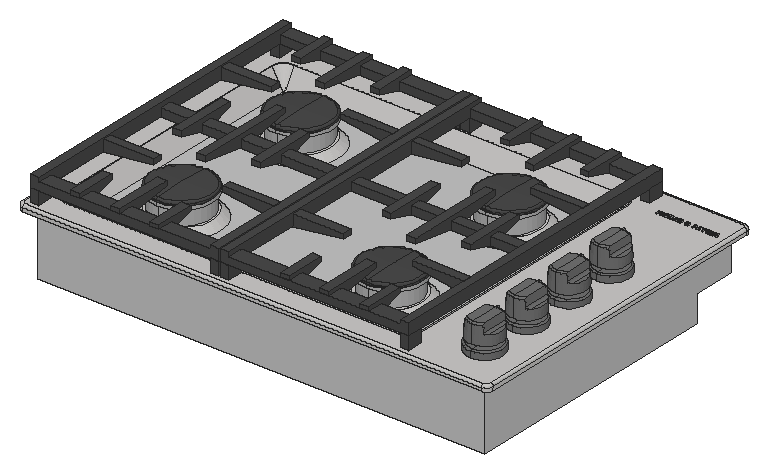
Revit family "FP_Revit_18_CDV3-304-N_Cooktop_90001911A", category Specialty Equipment, Revit 2018
Family settings
  Round Connector Dimension = Use Diameter
  Part Type = Normal
  OmniClass Number = 23.40.40.14.17.11
  OmniClass Title = Cookers, Ovens, Stoves
  Work Plane-Based = No
  Always vertical = Yes
  Cut with Voids When Loaded = Yes
  Shared = No
  Room Calculation Point = No
Parameters (values of type "CDV3-304-N")
  Visibility - Gas Elbow Side Facing = yes
  Visibility - Gas Elbow Rear Facing = yes
  Visibility - Clearance Required = yes
  URL = "www.fisherpaykel.com"
  Product - Width = 762 mm  # constant formula
  Product - Height = 162 mm  # constant formula
  Product - Depth = 533 mm  # constant formula
  Model = "CDV3-304-N"
  Material - Trim = Fisher & Paykel - Aluminium, Dark
  Material - Cooktop = Fisher & Paykel - Stainless Steel
  Material - Burners & Trivets = Fisher & Paykel - Black, Matte
  Material - Body = Fisher & Paykel - Grey
  Manufacturer = "Fisher & Paykel Appliances"
  Keynote = ""
  FFL Offset [instance] = 915 mm
  Description = "30\" Professional Gas Cooktop,"
  Connector Note - Gas = "NG Supply Pressure = 6\" to 9\" WC, 1/2\" NPT Minimum 5/8\" dia. flex line"
  Connector Note - Electrical = "120 V, 0.1 A Max, 60 Hz"
  Clearance - Side Combustible = 305 mm  # constant formula
  Clearance - Rear Combustible = 51 mm  # constant formula
  Clearance - Overhead Rangehood = 762 mm  # constant formula
  Clearance - Overhead Non-Combustible = 762 mm  # constant formula
  Clearance - Overhead Combustible = 914 mm  # constant formula
  Clearance - Below Non-Combustible = 70 mm  # constant formula
  Clearance - Below Combustible = 65 mm  # constant formula
  Chassis - Width = 723 mm  # constant formula
  Chassis - Height = 102 mm  # constant formula
  Chassis - Depth = 497 mm  # constant formula
  Cavity - Width = 727 mm  # constant formula
  Cavity - Height = 112 mm  # constant formula
  Cavity - Depth = 502 mm  # constant formula
Types (5, lengths in mm): name | Visibility - Gas Elbow Side Facing | Visibility - Gas Elbow Rear Facing | Model | Connector Note - Gas
  (no name) | yes | yes | "CDV3-304-N" | "NG Supply Pressure = 6\" to 9\" WC, 1/2\" NPT Minimum 5/8\" dia. flex line"
  CDV3-304H-L | no | no | "CDV3-304H-L" | "LP Supply Pressure = 11\" to 14\" WC, 1/2\" NPT Minimum 5/8\" dia. flex line"
  CDV3-304H-N | yes | yes | "CDV3-304H-N" | "NG Supply Pressure = 6\" to 9\" WC, 1/2\" NPT Minimum 5/8\" dia. flex line"
  CDV3-304-N | yes | yes | "CDV3-304-N" | "NG Supply Pressure = 6\" to 9\" WC, 1/2\" NPT Minimum 5/8\" dia. flex line"
  CDV3-304-L | yes | yes | "CDV3-304-L" | "LP Supply Pressure = 11\" to 14\" WC, 1/2\" NPT Minimum 5/8\" dia. flex line"
Reference planes
  plane 1 "Datum": y = 0
  plane 2: z = 0
  plane 3 "Center (Left/Right)": x = 0
  plane 4 "Product LHS": x = -381
  plane 5 "Product RHS": x = 381
  plane 6 "Product - Depth": y = 533
  plane 7 "Cavity LHS": x = -363.5
  plane 8 "Cavity RHS": x = 363.5
  plane 9 "Cavity - Front": y = 15.8
  plane 10 "Cavity - Depth": y = 517.8
  plane 11 "Basepan": z = 813
  plane 12 "Countertop": z = 915
  plane 13 "Hob Top": z = 924.5
Forms (mm)
  Extrusion 1, solid, material "Fisher & Paykel - Grey" <- "Material - Body"
    sketch origin (0, 0, 0) x (1, 0, 0) y (0, 1, 0)
      loop
        line (361.5, 447.3) -> (255, 447.3) -> (255, 515.3) -> (-361.5, 515.3) -> (-361.5, 18.3) -> (361.5, 18.3) -> (361.5, 447.3)
    from 813 to 915
  Extrusion 2, solid, material "Fisher & Paykel - Clearance Required (Cutout)", visible <- "Visibility - Clearance Required", detail levels coarse
    sketch origin (0, 0, 0) x (1, 0, 0) y (0, 1, 0)
      loop
        line (-363.5, 15.8) -> (363.5, 15.8) -> (363.5, 517.8) -> (-363.5, 517.8) -> (-363.5, 15.8)
    from 803 to 915
  Extrusion 3, solid, material "Fisher & Paykel - Stainless Steel" <- "Material - Cooktop"
    sketch origin (0, 0, 0) x (1, 0, 0) y (0, 1, 0)
      loop
        arc (-371, 533) -> (-378.071, 530.071) -> (-381, 523) r 10
        line (-381, 523) -> (-381, 10)
        arc (-381, 10) -> (-378.071, 2.929) -> (-371, 0) r 10
        line (-371, 0) -> (371, 0)
        arc (371, 0) -> (378.071, 2.929) -> (381, 10) r 10
        line (381, 10) -> (381, 523)
        arc (381, 523) -> (378.071, 530.071) -> (371, 533) r 10
        line (371, 533) -> (-371, 533)
    from 915 to 924.5
  Extrusion 4, void
    sketch origin (0, 0, 0) x (1, 0, 0) y (0, 1, 0)
      loop
        arc (-330.447, 496.197) -> (-344.589, 490.34) -> (-350.447, 476.197) r 20
        line (-350.447, 476.197) -> (-350.447, 57.203)
        arc (-350.447, 57.203) -> (-344.589, 43.06) -> (-330.447, 37.203) r 20
        line (-330.447, 37.203) -> (205.627, 37.203)
        arc (205.627, 37.203) -> (219.769, 43.06) -> (225.627, 57.203) r 20
        line (225.627, 57.203) -> (225.627, 476.197)
        arc (225.627, 476.197) -> (219.769, 490.34) -> (205.627, 496.197) r 20
        line (205.627, 496.197) -> (-330.447, 496.197)
    from 893 to 924.5
  Sweep 5, solid, material "Fisher & Paykel - Stainless Steel" <- "Material - Cooktop", detail levels fine
    path in 3D
      loop
        arc (205.627, 496.197, 924.5) -> (219.769, 490.34, 924.5) -> (225.627, 476.197, 924.5) r 20
        line (225.627, 476.197, 924.5) -> (225.627, 57.203, 924.5)
        arc (225.627, 57.203, 924.5) -> (219.769, 43.06, 924.5) -> (205.627, 37.203, 924.5) r 20
        line (205.627, 37.203, 924.5) -> (-330.447, 37.203, 924.5)
        arc (-330.447, 37.203, 924.5) -> (-344.589, 43.06, 924.5) -> (-350.447, 57.203, 924.5) r 20
        line (-350.447, 57.203, 924.5) -> (-350.447, 476.197, 924.5)
        arc (-350.447, 476.197, 924.5) -> (-344.589, 490.34, 924.5) -> (-330.447, 496.197, 924.5) r 20
        line (-330.447, 496.197, 924.5) -> (205.627, 496.197, 924.5)
    profile origin (-62.41, 496.197, 924.5) x (0, 1, 0) y (0, 0, 1)
      loop
        line (0, 0) -> (-18.187, -31.5) -> (0, -31.5) -> (0, 0)
  Sweep 6, void
    path in 3D
      loop
        arc (381, 523, 924.5) -> (378.071, 530.071, 924.5) -> (371, 533, 924.5) r 10
        line (371, 533, 924.5) -> (-371, 533, 924.5)
        arc (-371, 533, 924.5) -> (-378.071, 530.071, 924.5) -> (-381, 523, 924.5) r 10
        line (-381, 523, 924.5) -> (-381, 10, 924.5)
        arc (-381, 10, 924.5) -> (-378.071, 2.929, 924.5) -> (-371, 0, 924.5) r 10
        line (-371, 0, 924.5) -> (371, 0, 924.5)
        arc (371, 0, 924.5) -> (378.071, 2.929, 924.5) -> (381, 10, 924.5) r 10
        line (381, 10, 924.5) -> (381, 523, 924.5)
    profile origin (381, 266.5, 924.5) x (-1, 0, 0) y (0, 0, 1)
      loop
        line (0, 0) -> (0, -4)
        arc (0, -4) -> (1.172, -1.172) -> (4, 0) r 4
        line (4, 0) -> (0, 0)
  Extrusion 7, solid, material "Fisher & Paykel - Grey" <- "Material - Body"
    sketch origin (0, 0, 0) x (1, 0, 0) y (0, 1, 0)
      loop
        circle (338.231, 491.487) r 3
    from 856.4 to 844
  Extrusion 8, solid, material "Fisher & Paykel - Grey" <- "Material - Body"
    sketch origin (0, 0, 0) x (1, 0, 0) y (0, 1, 0)
      loop
        circle (290.996, 481.611) r 10.5
      loop
        circle (290.996, 481.611) r 7
    from 844 to 856.4
  Extrusion 9, void
    sketch origin (0, 0, 0) x (1, 0, 0) y (0, 1, 0)
      loop
        line (-363.5, 15.8) -> (363.5, 15.8) -> (363.5, 517.8) -> (-363.5, 517.8) -> (-363.5, 15.8)
    from 803 to 915
  Extrusion 10, solid, material "Fisher & Paykel - Clearance Required (Combustible)", visible <- "Visibility - Clearance Required", detail levels coarse
    sketch origin (0, 0, -9.5) x (1, 0, 0) y (0, 1, 0)
      loop
        line (-686, 0) -> (-381, 0) -> (-381, 533) -> (381, 533) -> (381, 0) -> (686, 0) -> (686, 568.8) -> (-686, 568.8) -> (-686, 0)
    from 924.5 to 1381.5
  Extrusion 11, solid, material "Fisher & Paykel - Clearance Required (Non-Combustible)", visible <- "Visibility - Clearance Required", detail levels coarse
    sketch origin (0, 0, 0) x (1, 0, 0) y (0, 1, 0)
      loop
        line (-381, 0) -> (381, 0) -> (381, 533) -> (-381, 533) -> (-381, 0)
    from 924.5 to 1686.5
  Extrusion 12, solid, material "Fisher & Paykel - Clearance Required (Combustible)", visible <- "Visibility - Clearance Required", detail levels coarse
    sketch origin (0, 0, 0) x (1, 0, 0) y (0, 1, 0)
      loop
        line (-381, 0) -> (381, 0) -> (381, 533) -> (-381, 533) -> (-381, 0)
    from 1686.5 to 1838.5
  Extrusion 13, solid, material "Fisher & Paykel - Grey" <- "Material - Body"
    sketch origin (0, 0, 0) x (1, 0, 0) y (0, 1, 0)
      loop
        line (255, 447.3) -> (361.5, 447.3) -> (361.5, 515.3) -> (255, 515.3) -> (255, 447.3)
    from 856.4 to 915
Cuts and joins
  Extrusion 4 cuts Extrusion 1
  joined: Extrusion 1, Extrusion 13
  Extrusion 4, Sweep 6 cuts Extrusion 3
Lines and regions (mm)
  sketch lines
    curve 1: line (-330.447, 496.197, 924.5) -> (205.627, 496.197, 924.5)
    curve 2: arc (225.627, 476.197, 924.5) -> (219.769, 490.34, 924.5) -> (205.627, 496.197, 924.5) r 20
    curve 3: line (225.627, 476.197, 924.5) -> (225.627, 57.203, 924.5)
    curve 4: arc (205.627, 37.203, 924.5) -> (219.769, 43.06, 924.5) -> (225.627, 57.203, 924.5) r 20
    curve 5: line (205.627, 37.203, 924.5) -> (-330.447, 37.203, 924.5)
    curve 6: arc (-350.447, 57.203, 924.5) -> (-344.589, 43.06, 924.5) -> (-330.447, 37.203, 924.5) r 20
    curve 7: arc (-330.447, 496.197, 924.5) -> (-344.589, 490.34, 924.5) -> (-350.447, 476.197, 924.5) r 20
    curve 8: line (-350.447, 57.203, 924.5) -> (-350.447, 476.197, 924.5)
    curve 9: line (381, 10, 924.5) -> (381, 523, 924.5)
    curve 10: arc (381, 10, 924.5) -> (378.071, 2.929, 924.5) -> (371, 0, 924.5) r 10
    curve 11: line (-371, 0, 924.5) -> (371, 0, 924.5)
    curve 12: arc (-371, 0, 924.5) -> (-378.071, 2.929, 924.5) -> (-381, 10, 924.5) r 10
    curve 13: line (-381, 523, 924.5) -> (-381, 10, 924.5)
    curve 14: arc (-381, 523, 924.5) -> (-378.071, 530.071, 924.5) -> (-371, 533, 924.5) r 10
    curve 15: line (371, 533, 924.5) -> (-371, 533, 924.5)
    curve 16: arc (371, 533, 924.5) -> (378.071, 530.071, 924.5) -> (381, 523, 924.5) r 10
Text (mm)
  text "Due to ongoing product development, product details are subject to change without notice. \nPlease always refer to www.fisherpaykel.com for the most current product information. \n© Fisher & Paykel 2020" at (41.04, -459.323, 0), in view "Ref. Level (Plan)"
Dimensions and locks
  equal spacing: plane 4 "Product LHS", plane 3 "Center (Left/Right)", plane 5 "Product RHS"
  "Product - Width": plane 4 "Product LHS" to plane 5 "Product RHS"
  equal spacing: plane 7 "Cavity LHS", plane 3 "Center (Left/Right)", plane 8 "Cavity RHS"
  "Cavity - Width": plane 7 "Cavity LHS" to plane 8 "Cavity RHS"
  "Chassis - Width": cut or joined group of Extrusion 1, Extrusion 4, Extrusion 13 to cut or joined group of Extrusion 1, Extrusion 4, Extrusion 13
  equal spacing: cut or joined group of Extrusion 1, Extrusion 4, Extrusion 13, plane 3 "Center (Left/Right)", cut or joined group of Extrusion 1, Extrusion 4, Extrusion 13
  "Product - Depth": plane 6 "Product - Depth" to plane 1 "Datum"
  "Cavity - Depth": plane 9 "Cavity - Front" to plane 10 "Cavity - Depth"
  locked: plane 1 "Datum" to plane 9 "Cavity - Front" at 15.8
  locked: plane 13 "Hob Top" to plane 12 "Countertop" at 9.5
  "Chassis - Height": plane 12 "Countertop" to plane 11 "Basepan"
  "FFL Offset": plane 12 "Countertop" to level
  "Cavity - Height": plane 12 "Countertop" to Extrusion 2
  plane 12 "Countertop" to Sweep 5 = 22 mm
  locked: nested 3 to plane 12 "Countertop" at 49.5
  locked: plane 12 "Countertop" to cut or joined group of Extrusion 1, Extrusion 4, Extrusion 13 at 22
  locked: Extrusion 10 to plane 12 "Countertop" at 457
  "Clearance - Overhead Non-Combustible": Extrusion 11 to plane 13 "Hob Top"
  Extrusion 10 to plane 10 "Cavity - Depth" to cut or joined group of Extrusion 1, Extrusion 4, Extrusion 13 = 15.2 mm, 2.5 mm
  "Clearance - Overhead Combustible": Extrusion 12 to plane 13 "Hob Top"
  "Clearance - Rear Combustible": Extrusion 10 to plane 10 "Cavity - Depth"
  "Clearance - Side Combustible": Extrusion 10 to plane 4 "Product LHS"
  "Clearance - Side Combustible": plane 5 "Product RHS" to Extrusion 10
  "Chassis - Depth": cut or joined group of Extrusion 1, Extrusion 4, Extrusion 13 to cut or joined group of Extrusion 1, Extrusion 4, Extrusion 13
  locked: plane 1 "Datum" to cut or joined group of Extrusion 1, Extrusion 4, Extrusion 13 at 18.3
  locked: Extrusion 13 to plane 12 "Countertop" at 58.6
  locked: plane 12 "Countertop" to nested 15 at 86.6
  locked: plane 12 "Countertop" to nested 16 at 86.6
  locked: plane 12 "Countertop" to Extrusion 8 at 71
  aligned and locked: level to plane 2
  aligned and locked: plane 6 "Product - Depth" to Extrusion 3
  aligned and locked: plane 1 "Datum" to Extrusion 3
  aligned and locked: Extrusion 3 to plane 4 "Product LHS"
  aligned and locked: Extrusion 3 to plane 5 "Product RHS"
  aligned and locked: Extrusion 2 to plane 9 "Cavity - Front"
  aligned and locked: plane 12 "Countertop" to Extrusion 2
  aligned and locked: Extrusion 2 to Extrusion 1
  aligned and locked: Extrusion 1 to plane 11 "Basepan"
  aligned and locked: Extrusion 3 to Extrusion 2
  aligned and locked: Extrusion 9 to Extrusion 2  (x2)
  aligned and locked: plane 13 "Hob Top" to Extrusion 3
  aligned and locked: cut or joined group of Extrusion 3, Extrusion 4, Sweep 6 to Extrusion 4
  aligned and locked: Extrusion 10 to Extrusion 2
  aligned and locked: Extrusion 11 to cut or joined group of Extrusion 3, Extrusion 4, Sweep 6
  aligned and locked: Extrusion 12 to Extrusion 11
  aligned and locked: plane 12 "Countertop" to Extrusion 13
  aligned and locked: Extrusion 8 to Extrusion 13
  aligned and locked: Extrusion 7 to Extrusion 13
  aligned and locked: Extrusion 13 to cut or joined group of Extrusion 1, Extrusion 4, Extrusion 13  (x2)
  aligned and locked: Extrusion 13 to cut or joined group of Extrusion 3, Extrusion 4, Sweep 6
  aligned and locked: Extrusion 8 to Extrusion 7
  aligned and locked: Extrusion 1 to Extrusion 13
Automatic sketch dimensions
  plane 10 "Cavity - Depth" to Extrusion 2 sketch curve = 0 mm
  Extrusion 2 sketch curve to plane 9 "Cavity - Front" = 0 mm
  plane 7 "Cavity LHS" to Extrusion 2 sketch curve = 0 mm
  Extrusion 2 sketch curve to plane 8 "Cavity RHS" = 0 mm
  Extrusion 3 sketch curve to plane 4 "Product LHS" = 0 mm
  plane 1 "Datum" to Extrusion 3 sketch curve = 0 mm
  Extrusion 3 sketch curve to plane 6 "Product - Depth" = 0 mm
  Extrusion 3 sketch curve to plane 5 "Product RHS" = 0 mm
  plane 7 "Cavity LHS" to Extrusion 3 sketch curve = 7.5 mm  (x2)
  Extrusion 3 sketch curve to plane 8 "Cavity RHS" = 7.5 mm
  Extrusion 3 sketch curve to plane 9 "Cavity - Front" = 5.8 mm
  Extrusion 4 sketch curve to plane 7 "Cavity LHS" = 13.053 mm
  plane 9 "Cavity - Front" to Extrusion 4 sketch curve = 21.403 mm
  Extrusion 4 sketch curve to Extrusion 4 sketch curve = 20 mm  (x3)
  plane 10 "Cavity - Depth" to Extrusion 4 sketch curve = 21.603 mm
  plane 8 "Cavity RHS" to Extrusion 4 sketch curve = 157.873 mm  (x2)
  Sweep 5 sketch curve to profile plane = 0 mm  (x2)
  profile plane to Sweep 5 sketch curve = 18.187 mm
  Sweep 5 sketch curve to Sweep 5 sketch curve = 31.5 mm
  Sweep 6 sketch curve to profile plane = 0 mm  (x2)
  Sweep 6 sketch curve to Sweep 6 sketch curve = 4 mm
  plane 8 "Cavity RHS" to Extrusion 7 sketch curve = 25.269 mm
  plane 10 "Cavity - Depth" to Extrusion 7 sketch curve = 26.312 mm
  plane 10 "Cavity - Depth" to Extrusion 9 sketch curve = 0 mm
  Extrusion 9 sketch curve to plane 9 "Cavity - Front" = 0 mm
  plane 7 "Cavity LHS" to Extrusion 9 sketch curve = 0 mm
  Extrusion 9 sketch curve to plane 8 "Cavity RHS" = 0 mm
  plane 1 "Datum" to Extrusion 10 sketch curve = 0 mm  (x2)
  Extrusion 10 sketch curve to plane 4 "Product LHS" = 0 mm
  Extrusion 10 sketch curve to plane 5 "Product RHS" = 0 mm
  Extrusion 10 sketch curve to plane 6 "Product - Depth" = 0 mm
  plane 4 "Product LHS" to Extrusion 10 sketch curve = 305 mm
  Extrusion 10 sketch curve to Extrusion 10 sketch curve = 305 mm
  plane 6 "Product - Depth" to Extrusion 10 sketch curve = 35.8 mm
  Extrusion 11 sketch curve to plane 4 "Product LHS" = 0 mm
  Extrusion 11 sketch curve to plane 5 "Product RHS" = 0 mm
  plane 1 "Datum" to Extrusion 11 sketch curve = 0 mm
  Extrusion 11 sketch curve to plane 6 "Product - Depth" = 0 mm
  Extrusion 12 sketch curve to plane 4 "Product LHS" = 0 mm
  Extrusion 12 sketch curve to plane 5 "Product RHS" = 0 mm
  plane 1 "Datum" to Extrusion 12 sketch curve = 0 mm
  Extrusion 12 sketch curve to plane 6 "Product - Depth" = 0 mm
  Extrusion 1 sketch curve to plane 7 "Cavity LHS" = 2 mm
  plane 8 "Cavity RHS" to Extrusion 1 sketch curve = 2 mm
  plane 9 "Cavity - Front" to Extrusion 1 sketch curve = 2.5 mm
  plane 10 "Cavity - Depth" to Extrusion 1 sketch curve = 2.5 mm
  Extrusion 1 sketch curve to Extrusion 1 sketch curve = 106.5 mm
  Extrusion 1 sketch curve to Extrusion 1 sketch curve = 68 mm
  Extrusion 13 sketch curve to plane 6 "Product - Depth" = 17.7 mm
  plane 8 "Cavity RHS" to Extrusion 13 sketch curve = 108.5 mm
  plane 5 "Product RHS" to Extrusion 13 sketch curve = 19.5 mm
  plane 10 "Cavity - Depth" to Extrusion 13 sketch curve = 70.5 mm
  Extrusion 8 sketch curve to Extrusion 8 sketch curve = 0 mm  (x2)
  plane 10 "Cavity - Depth" to Extrusion 8 sketch curve = 36.189 mm
  plane 8 "Cavity RHS" to Extrusion 8 sketch curve = 72.504 mm
  radius of Extrusion 7 sketch curve = 3 mm
  radius of Extrusion 8 sketch curve = 7 mm
  radius of Extrusion 8 sketch curve = 10.5 mm
Nested families
  nested 1: "F&P Logo 100mm Horizontal" at (316, 483, 924.5), type "F&P Logo 100mm Horizontal"
  nested 2: "F&P CDV3 Trivet 304" at (-231.8, -53.962, 927.5), type "F&P CDV3 Trivet 304"
  nested 3: "F&P CDV3 Trivet 304" at (107.264, 587.362, 927.5) x (-1, 0, 0) z (0, 0, 1), type "F&P CDV3 Trivet 304"
  nested 4: "F&P Dial CDV3" at (316, 74.79, 924.5), type "F&P Dial CDV3"
  nested 5: "F&P Dial CDV3" at (316, 159.79, 924.5), type "F&P Dial CDV3"
  nested 6: "F&P Dial CDV3" at (316, 244.79, 924.5), type "F&P Dial CDV3"
  nested 7: "F&P Dial CDV3" at (316, 329.79, 924.5), type "F&P Dial CDV3"
  nested 8: "F&P Logo 100mm Horizontal" at (316, 483, 509.5), type "F&P Logo 100mm Horizontal", not visible
  nested 9: "F&P CDV3 Trivet 304" at (-231.8, -53.962, 512.5), type "F&P CDV3 Trivet 304", not visible
  nested 10: "F&P CDV3 Trivet 304" at (107.264, 587.362, 512.5) x (-1, 0, 0) z (0, 0, 1), type "F&P CDV3 Trivet 304", not visible
  nested 11: "F&P Dial CDV3" at (316, 74.79, 509.5), type "F&P Dial CDV3", not visible
  nested 12: "F&P Dial CDV3" at (316, 159.79, 509.5), type "F&P Dial CDV3", not visible
  nested 13: "F&P Dial CDV3" at (316, 244.79, 509.5), type "F&P Dial CDV3", not visible
  nested 14: "F&P Dial CDV3" at (316, 329.79, 509.5), type "F&P Dial CDV3", not visible
  nested 15: "F&P Gas_Elbow" at (290.996, 481.611, 828.4), visible <- "Visibility - Gas Elbow Side Facing", type "F&P Gas_Elbow"
  nested 16: "F&P Gas_Elbow" at (290.996, 481.611, 828.4) x (0, 1, 0) z (0, 0, 1), visible <- "Visibility - Gas Elbow Rear Facing", type "F&P Gas_Elbow"
Connectors
  electrical at (338.231, 491.487, 856.4), driven by "Connector Note - Electrical"
    settings: on Extrusion 7, index 1, voltage 120 V, apparent load 0 VA, apparent load phase1 0 VA, apparent load phase2 0 VA, apparent load phase3 0 VA, power factor 1, load classification "Other", number of poles 1, system type 30, power factor state 1, is connector primary yes, connector utility no, sub classification motor no, connector description "120 V, 0.1 A Max, 60 Hz"
  piping at (290.996, 481.611, 844), diameter 21, driven by "Connector Note - Gas"
    settings: on Extrusion 8, index 2, connector inside diameter 609.6 mm, connector length 0 mm, flow factor 0, pipe flow 0.0 L/s, pressure drop 0.0 Pa, fitting loss kfactor 0, connector angle 0.00°, fixture units 0, engagement length 0 mm, angle of deflection 0.00°, flow configuration 0, flow direction 1, fitting loss method 0, system type 22, joint type 0, gender type 0, connector reference index -1, connector utility 0, adjustable connector no, is connector primary yes, connector description "NG Supply Pressure = 6\" to 9\" WC, 1/2\" NPT Minimum 5/8\" dia. flex line"
Definition of nested family "F&P Logo 100mm Horizontal"
  Parameters (values of type "F&P Logo 100mm Horizontal")
    URL = "www.fisherpaykel.com"
    Material - Logo = none
    Manufacturer = "Fisher & Paykel Appliances"
  Reference planes
    plane 1 "Center (Front/Back)": y = 0
    plane 2: z = 0
    plane 3 "Center (Left/Right)": x = 0
  Forms (mm)
    Extrusion 1, solid, material <- "Material - Logo", detail levels fine
      sketch origin (0, 0, 0) x (1, 0, 0) y (0, 1, 0)
        loop
          line (-49.996, 0) -> (-48.422, 0) -> (-48.422, 2.138) -> (-45.963, 2.138) -> (-45.963, 3.472) -> (-48.422, 3.472) -> (-48.422, 4.712) -> (-45.746, 4.712) -> (-45.746, 6.04) -> (-49.996, 6.04) -> (-49.996, 0)
        loop
          line (-42.756, 6.04) -> (-42.756, 0) -> (-41.182, 0) -> (-41.182, 6.04) -> (-42.756, 6.04)
        loop
          line (-30.676, 6.04) -> (-30.676, 0) -> (-29.103, 0) -> (-29.103, 2.42) -> (-26.791, 2.42) -> (-26.791, 0) -> (-25.217, 0) -> (-25.217, 6.04) -> (-26.791, 6.04) -> (-26.791, 3.748) -> (-29.103, 3.748) -> (-29.103, 6.04) -> (-30.676, 6.04)
        loop
          line (-21.858, 6.04) -> (-21.858, 0) -> (-17.554, 0) -> (-17.554, 1.328) -> (-20.299, 1.328) -> (-20.299, 2.42) -> (-17.79, 2.42) -> (-17.79, 3.748) -> (-20.299, 3.748) -> (-20.299, 4.712) -> (-17.554, 4.712) -> (-17.554, 6.04) -> (-21.858, 6.04)
        loop
          line (45.715, 6.04) -> (45.715, 0) -> (50.004, 0) -> (50.004, 1.328) -> (47.289, 1.328) -> (47.289, 6.04) -> (45.715, 6.04)
        loop
          line (42.479, 6.04) -> (38.161, 6.04) -> (38.161, 0) -> (42.479, 0) -> (42.479, 1.328) -> (39.735, 1.328) -> (39.735, 2.42) -> (42.243, 2.42) -> (42.243, 3.748) -> (39.735, 3.748) -> (39.735, 4.712) -> (42.479, 4.712) -> (42.479, 6.04)
        loop
          line (33.499, 3.148) -> (35.731, 6.04) -> (33.892, 6.04) -> (31.964, 3.542) -> (31.964, 6.04) -> (30.39, 6.04) -> (30.39, 0) -> (31.964, 0) -> (31.964, 2.705) -> (33.951, 0) -> (35.811, 0) -> (33.499, 3.148)
        loop
          line (22.029, 6.04) -> (24.311, 2.42) -> (24.311, 0) -> (25.885, 0) -> (25.885, 2.341) -> (28.167, 6.04) -> (26.494, 6.04) -> (25.148, 3.707) -> (23.801, 6.04) -> (22.029, 6.04)
        loop
          line (18.527, 6.04) -> (17.031, 6.04) -> (14.572, 0) -> (16.117, 0) -> (16.549, 1.112) -> (18.969, 1.112) -> (19.402, 0) -> (20.986, 0) -> (18.527, 6.04)
        loop
          line (18.448, 2.439) -> (17.741, 4.174) -> (17.066, 2.439) -> (18.448, 2.439)
        loop
          line (8.079, 6.04) -> (8.079, 0) -> (9.654, 0) -> (9.654, 1.938) -> (10.647, 1.938)
          arc (10.647, 1.938) -> (12.698, 3.989) -> (10.647, 6.04) r 2.051
          line (10.647, 6.04) -> (8.079, 6.04)
        loop
          line (9.654, 4.712) -> (9.654, 3.197) -> (10.549, 3.197)
          arc (10.549, 3.197) -> (11.307, 3.954) -> (10.549, 4.712) r 0.757
          line (10.549, 4.712) -> (9.654, 4.712)
        loop
          line (-11.735, 6.04) -> (-14.318, 6.04) -> (-14.318, 0) -> (-12.744, 0) -> (-12.744, 1.336) -> (-11.944, 1.336) -> (-10.924, 0) -> (-9.104, 0) -> (-10.646, 1.973)
          arc (-10.646, 1.973) -> (-9.63, 4.424) -> (-11.735, 6.04) r 2.179
        loop
          line (-11.849, 4.712) -> (-12.744, 4.712) -> (-12.744, 3.053) -> (-11.849, 3.053)
          arc (-11.849, 3.053) -> (-11.02, 3.882) -> (-11.849, 4.712) r 0.83
        loop
          line (0.526, 4.712) -> (0.526, 6.153) -> (-3.527, 6.153) -> (-3.527, 4.851) -> (-2.926, 4.112)
          arc (-2.926, 4.112) -> (-3.462, 0.684) -> (0.003, 0.512) r 2.334
          line (0.003, 0.512) -> (0.508, -0.109) -> (2.294, -0.109) -> (0.908, 1.594) -> (2.109, 3.324) -> (0.491, 3.324) -> (0.035, 2.667) -> (-1.629, 4.712) -> (0.526, 4.712)
        loop
          arc (-2.077, 3.068) -> (-2.221, 1.668) -> (-0.82, 1.524) r 0.996
          line (-0.82, 1.524) -> (-2.077, 3.068)
        loop
          line (-35.132, 3.634) -> (-36.468, 3.91)
          arc (-36.468, 3.91) -> (-37, 4.443) -> (-36.468, 4.976) r 0.533
          arc (-36.468, 4.976) -> (-35.186, 4.79) -> (-34.011, 4.248) r 4.505
          line (-34.011, 4.248) -> (-34.011, 5.743)
          arc (-34.011, 5.743) -> (-35.501, 6.179) -> (-37.052, 6.109) r 4.726
          arc (-37.052, 6.109) -> (-38.488, 4.335) -> (-37.052, 2.561) r 1.814
          line (-37.052, 2.561) -> (-35.706, 2.282)
          arc (-35.706, 2.282) -> (-35.173, 1.749) -> (-35.706, 1.216) r 0.533
          arc (-35.706, 1.216) -> (-36.987, 1.402) -> (-38.162, 1.945) r 4.505
          line (-38.162, 1.945) -> (-38.162, 0.449)
          arc (-38.162, 0.449) -> (-36.672, 0.013) -> (-35.121, 0.083) r 4.726
          arc (-35.121, 0.083) -> (-33.686, 1.863) -> (-35.132, 3.634) r 1.814
      from 0 to 0.8
  Dimensions and locks
    aligned and locked: level to plane 2
Definition of nested family "F&P CDV3 Trivet 304"
  Parameters (values of type "F&P CDV3 Trivet 304")
    URL = "www.fisherpaykel.com"
    Product - Width = 278 mm
    Material - Trim = none
    Material - Burners & Trivets = none
    Material - Body = none
    Manufacturer = "Fisher & Paykel Appliances"
  Reference planes
    plane 1 "Center (Front/Back)": y = 0
    plane 2: z = 0
    plane 3 "Center (Left/Right)": x = 0
    plane 4 "Product LHS": x = -137
    plane 5 "Product RHS": x = 168.532
  Forms (mm)
    Extrusion 1, solid, material <- "Material - Burners & Trivets"
      sketch origin (0, 0, 0) x (1, 0, 0) y (0, 1, 0)
        loop
          line (-137, 575.663) -> (-137, 65.662) -> (168.532, 65.662) -> (168.532, 575.663) -> (-137, 575.663)
        loop
          line (154.532, 329.703) -> (154.532, 551.662) -> (-122.868, 551.662) -> (-122.868, 329.703) -> (154.532, 329.703)
        loop
          line (154.532, 89.663) -> (154.532, 311.622) -> (-122.868, 311.622) -> (-122.868, 89.663) -> (154.532, 89.663)
      from 18 to 31
    Extrusion 2, solid, material <- "Material - Burners & Trivets", detail levels fine
      sketch origin (0, 0, 0) x (1, 0, 0) y (0, 1, 0)
        loop
          line (-123, 551.662) -> (-123, 575.663) -> (-137, 575.663) -> (-137, 551.662) -> (-123, 551.662)
        loop
          line (-122.868, 89.663) -> (-137, 89.663) -> (-137, 65.662) -> (-122.868, 65.662) -> (-122.868, 89.663)
        loop
          line (154.532, 89.663) -> (154.532, 65.662) -> (168.532, 65.662) -> (168.532, 89.663) -> (154.532, 89.663)
        loop
          line (154.532, 551.662) -> (168.532, 551.662) -> (168.532, 575.663) -> (154.532, 575.663) -> (154.532, 551.662)
      from -3 to 18
    Revolve 3, solid, material <- "Material - Body", detail levels fine
      sketch origin (0, 0, 0) x (0, 1, 0) y (0, 0, -1)
        loop
          line (150.642, -7.236) -> (200.642, -7.236) -> (200.642, 23.189) -> (155.063, 23.189) -> (155.063, -2.236) -> (150.642, -2.236) -> (150.642, -7.236)
        axis (200.642, -7.236) -> (200.642, 23.189)
      angle from 0 to 360
    Revolve 4, solid, material <- "Material - Burners & Trivets"
      sketch origin (0, 0, 0) x (0, 1, 0) y (0, 0, -1)
        loop
          line (200.642, -8.307) -> (150.643, -8.307) -> (150.643, -10.381)
          arc (150.643, -10.381) -> (151.417, -12.393) -> (153.342, -13.366) r 3
          arc (153.342, -13.366) -> (176.962, -15.15) -> (200.642, -15.745) r 471.449
          line (200.642, -15.745) -> (200.642, -8.307)
        axis (200.642, -15.745) -> (200.642, -8.307)
      angle from 0 to 360
    Revolve 5, solid, material <- "Material - Trim", detail levels fine
      sketch origin (0, 0, 0) x (0, 1, 0) y (0, 0, -1)
        loop
          line (150.602, 23.189) -> (200.642, 23.189) -> (200.642, 34.699) -> (139.092, 34.699) -> (150.602, 23.189)
        axis (200.642, 23.189) -> (200.642, 34.699)
      angle from 0 to 360
    Revolve 6, solid, material <- "Material - Body", detail levels fine
      sketch origin (0, 240.04, 0) x (0, 1, 0) y (0, 0, -1)
        loop
          line (150.642, -7.236) -> (200.642, -7.236) -> (200.642, 23.189) -> (155.063, 23.189) -> (155.063, -2.236) -> (150.642, -2.236) -> (150.642, -7.236)
        axis (200.642, -7.236) -> (200.642, 23.189)
      angle from 0 to 360
    Revolve 7, solid, material <- "Material - Burners & Trivets"
      sketch origin (0, 240.04, 0) x (0, 1, 0) y (0, 0, -1)
        loop
          line (200.642, -8.307) -> (150.643, -8.307) -> (150.643, -10.381)
          arc (150.643, -10.381) -> (151.417, -12.393) -> (153.342, -13.366) r 3
          arc (153.342, -13.366) -> (176.962, -15.15) -> (200.642, -15.745) r 471.449
          line (200.642, -15.745) -> (200.642, -8.307)
        axis (200.642, -15.745) -> (200.642, -8.307)
      angle from 0 to 360
    Revolve 8, solid, material <- "Material - Trim", detail levels fine
      sketch origin (0, 240.04, 0) x (0, 1, 0) y (0, 0, -1)
        loop
          line (150.602, 23.189) -> (200.642, 23.189) -> (200.642, 34.699) -> (139.092, 34.699) -> (150.602, 23.189)
        axis (200.642, 23.189) -> (200.642, 34.699)
      angle from 0 to 360
    Extrusion 9, solid, material <- "Material - Burners & Trivets", detail levels fine
      sketch origin (0, 0, 0) x (0, 1, 0) y (0, 0, 1)
        loop
          line (160.643, 37) -> (65.662, 37) -> (65.662, 31) -> (89.663, 31) -> (89.663, 18) -> (160.643, 29) -> (160.643, 37)
        loop
          line (240.642, 37) -> (240.642, 29) -> (311.622, 18) -> (311.622, 31) -> (329.703, 31) -> (329.703, 18) -> (400.683, 29) -> (400.683, 37) -> (240.642, 37)
        loop
          line (480.682, 37) -> (480.682, 29) -> (551.662, 18) -> (551.662, 31) -> (575.663, 31) -> (575.663, 37) -> (480.682, 37)
      from -7 to 7
    Extrusion 10, solid, material <- "Material - Burners & Trivets", detail levels fine
      sketch origin (0, 0, 0) x (0, 1, 0) y (0, 0, 1)
        loop
          line (129.662, 37) -> (65.662, 37) -> (65.662, 31) -> (89.663, 31) -> (89.663, 18) -> (129.662, 29) -> (129.662, 37)
        loop
          line (271.623, 37) -> (271.623, 29) -> (311.622, 18) -> (311.622, 31) -> (329.703, 31) -> (329.703, 18) -> (369.702, 29) -> (369.702, 37) -> (271.623, 37)
        loop
          line (511.663, 37) -> (511.663, 29) -> (551.662, 18) -> (551.662, 31) -> (575.663, 31) -> (575.663, 37) -> (511.663, 37)
      from -70.965 to -56.994
    Extrusion 11, solid, material <- "Material - Burners & Trivets", detail levels fine
      sketch origin (0, 0, 0) x (1, 0, 0) y (0, 0, 1)
        loop
          line (-40.066, 37) -> (-122.868, 37) -> (-122.868, 18.017) -> (-40.066, 29) -> (-40.066, 37)
        loop
          line (71.598, 37) -> (71.598, 29) -> (154.532, 18) -> (154.532, 37) -> (71.598, 37)
      from -208 to -194
    Extrusion 12, solid, material <- "Material - Burners & Trivets", detail levels fine
      sketch origin (0, 0, 0) x (0, 1, 0) y (0, 0, -1)
        loop
          line (129.662, -37) -> (129.662, -29) -> (89.663, -18) -> (89.663, -31) -> (65.662, -31) -> (65.662, -37) -> (129.662, -37)
        loop
          line (271.623, -37) -> (369.702, -37) -> (369.702, -29) -> (329.703, -18) -> (329.703, -31) -> (311.622, -31) -> (311.622, -18) -> (271.623, -29) -> (271.623, -37)
        loop
          line (511.663, -37) -> (575.663, -37) -> (575.663, -31) -> (551.662, -31) -> (551.662, -18) -> (511.663, -29) -> (511.663, -37)
      from -70.965 to -56.994
    Extrusion 13, solid, material <- "Material - Burners & Trivets"
      sketch origin (0, 0, 0) x (1, 0, 0) y (0, 1, 0)
        loop
          line (-137, 575.663) -> (-137, 65.662) -> (-122.868, 65.662) -> (-122.868, 575.663) -> (-137, 575.663)
        loop
          line (168.532, 575.663) -> (154.532, 575.663) -> (154.532, 65.662) -> (168.532, 65.662) -> (168.532, 575.663)
      from 31 to 37
    Extrusion 14, solid, material <- "Material - Burners & Trivets", detail levels fine
      sketch origin (0, 641.325, 0) x (1, 0, 0) y (0, 0, -1)
        loop
          line (-40.066, -37) -> (-40.066, -29) -> (-122.868, -18.017) -> (-122.868, -37) -> (-40.066, -37)
        loop
          line (71.598, -37) -> (154.532, -37) -> (154.532, -18) -> (71.598, -29) -> (71.598, -37)
      from -208 to -194
  Cuts and joins
    joined: Extrusion 1, Extrusion 13
  Dimensions and locks
    aligned and locked: level to plane 2
Definition of nested family "F&P Dial CDV3"
  Parameters (values of type "F&P Dial CDV3")
    URL = "www.fisherpaykel.com"
    Product - Depth = 50.5 mm
    Material - Trim = none
    Material - Buttons and Dials = none
    Manufacturer = "Fisher & Paykel Appliances"
  Reference planes
    plane 1 "Center (Front/Back)": y = 0
    plane 2: z = 0
    plane 3 "Center (Left/Right)": x = 0
    plane 4 "Product - Height": z = 50.5
  Forms (mm)
    Revolve 1, solid, material <- "Material - Buttons and Dials", detail levels fine
      sketch origin (0, 0, 0) x (0, 1, 0) y (0, 0, 1)
        loop
          line (-29.144, 0) -> (0, 0) -> (0, 50.5) -> (-23.6, 50.5) -> (-26.126, 47.974) -> (-27.128, 18.8) -> (-6.325, 18.8) -> (-6.325, 11.85) -> (-26.65, 11.85) -> (-29.144, 9.356) -> (-29.144, 0)
        axis (0, 50.5) -> (0, 0)
      angle from 0 to 360
    Extrusion 2, void
      sketch origin (0, 0, 0) x (0, 1, 0) y (0, 0, 1)
        loop
          line (27.028, 50.5) -> (22.639, 50.5) -> (22.639, 31.811) -> (27.028, 31.811) -> (27.028, 50.5)
      from -1.275 to 1.3
    Extrusion 3, solid, material <- "Material - Trim", detail levels fine
      sketch origin (0, 0, 0) x (0, 1, 0) y (0, 0, 1)
        loop
          line (22.639, 31.811) -> (26.721, 31.811) -> (26.721, 50.5) -> (22.639, 50.5) -> (22.639, 31.811)
      from -1.3 to 1.3
    Extrusion 4, void
      sketch origin (0, 0, 0) x (1, 0, 0) y (0, 0, 1)
        loop
          line (14.265, 50.5) -> (15.322, 38.419)
          arc (15.322, 38.419) -> (16.532, 35.497) -> (19.455, 34.286) r 4.133
          line (19.455, 34.286) -> (27, 33.626) -> (27, 50.5) -> (14.265, 50.5)
        loop
          line (-14.265, 50.5) -> (-27, 50.5) -> (-27, 33.626) -> (-19.455, 34.286)
          arc (-19.455, 34.286) -> (-16.532, 35.497) -> (-15.322, 38.419) r 4.133
          line (-15.322, 38.419) -> (-14.265, 50.5)
      from -30 to 30
    Revolve 5, solid, material <- "Material - Buttons and Dials", detail levels coarse+medium
      sketch origin (0, 0, 0) x (0, 1, 0) y (0, 0, 1)
        loop
          line (-29.144, 0) -> (0, 0) -> (0, 11.85) -> (-29.144, 11.85) -> (-29.144, 0)
        loop
          line (-27.128, 18.8) -> (-0.018, 18.8) -> (-0.018, 50.5) -> (-27.128, 50.5) -> (-27.128, 18.8)
        axis (0, 50.5) -> (0, 0)
      angle from 0 to 360
  Cuts and joins
    Extrusion 2, Extrusion 4 cuts Revolve 1
  Dimensions and locks
    "Product - Depth": plane 4 "Product - Height" to level
    plane 1 "Center (Front/Back)" to Extrusion 2 sketch curve = 27.028 mm
    plane 1 "Center (Front/Back)" to Extrusion 2 sketch curve = 22.639 mm
    aligned and locked: level to plane 2
  Automatic sketch dimensions
    Extrusion 2 sketch curve to plane 4 "Product - Height" = 0 mm
    Extrusion 2 sketch curve to Extrusion 2 sketch curve = 18.689 mm
    Extrusion 3 sketch curve to plane 4 "Product - Height" = 0 mm
    Extrusion 3 sketch curve to plane 1 "Center (Front/Back)" = 22.639 mm
    Extrusion 3 sketch curve to Extrusion 3 sketch curve = 4.082 mm
    Extrusion 3 sketch curve to Extrusion 3 sketch curve = 18.689 mm
    Extrusion 4 sketch curve to plane 4 "Product - Height" = 0 mm  (x2)
    Extrusion 4 sketch curve to plane 3 "Center (Left/Right)" = 27 mm
    Extrusion 4 sketch curve to Extrusion 4 sketch curve = 7.545 mm
    Extrusion 4 sketch curve to Extrusion 4 sketch curve = 4.133 mm  (x2)
    Extrusion 4 sketch curve to Extrusion 4 sketch curve = 1.057 mm  (x2)
    plane 3 "Center (Left/Right)" to Extrusion 4 sketch curve = 14.265 mm
    Extrusion 4 sketch curve to Extrusion 4 sketch curve = 12.735 mm
    Extrusion 4 sketch curve to plane 4 "Product - Height" = 12.081 mm  (x2)
    Extrusion 4 sketch curve to Extrusion 4 sketch curve = 0.66 mm  (x2)
    Revolve 1 sketch curve to level = 0 mm  (x2)
    Revolve 1 sketch curve to plane 4 "Product - Height" = 0 mm
    Revolve 1 sketch curve to plane 1 "Center (Front/Back)" = 0 mm  (x2)
    plane 1 "Center (Front/Back)" to Revolve 1 sketch curve = 6.325 mm
    plane 1 "Center (Front/Back)" to Revolve 1 sketch curve = 23.6 mm
    Revolve 1 sketch curve to plane 4 "Product - Height" = 2.526 mm
    Revolve 1 sketch curve to Revolve 1 sketch curve = 2.526 mm
    Revolve 1 sketch curve to Revolve 1 sketch curve = 20.803 mm
    Revolve 1 sketch curve to Revolve 1 sketch curve = 2.016 mm
    level to Revolve 1 sketch curve = 11.85 mm
    Revolve 1 sketch curve to Revolve 1 sketch curve = 6.95 mm
    Revolve 1 sketch curve to Revolve 1 sketch curve = 0.478 mm
    level to Revolve 1 sketch curve = 9.356 mm
    Revolve 1 sketch curve to level = 7.403 mm
    Revolve 5 sketch curve to level = 0 mm  (x2)
    Revolve 5 sketch curve to plane 4 "Product - Height" = 0 mm
    Revolve 5 sketch curve to plane 1 "Center (Front/Back)" = 0 mm  (x2)
    plane 1 "Center (Front/Back)" to Revolve 5 sketch curve = 0.018 mm
    Revolve 5 sketch curve to Revolve 5 sketch curve = 27.11 mm
    Revolve 5 sketch curve to Revolve 5 sketch curve = 2.016 mm
    level to Revolve 5 sketch curve = 11.85 mm
    Revolve 5 sketch curve to Revolve 5 sketch curve = 7.061 mm
    Revolve 5 sketch curve to Revolve 5 sketch curve = 6.95 mm
Definition of nested family "F&P Gas_Elbow"
  Parameters (values of type "F&P Gas_Elbow")
    Visibility - Gas Elbow = yes
    URL = "www.fisherpaykel.com"
    Material - Body = none
    Manufacturer = "Fisher & Paykel Appliances"
  Reference planes
    plane 1 "Datum": y = 0
    plane 2: z = 0
    plane 3 "Center (Left/Right)": x = 0
    plane 4 "Connection": z = 19
    plane 5 "Connection_": x = 19.05
  Forms (mm)
    Sweep 1, solid, material <- "Material - Body", visible <- "Visibility - Gas Elbow"
      path origin (0, 0, 0) x (1, 0, 0) y (0, 0, 1)
        loop
          line (0, 28) -> (0, 19.05)
          arc (0, 19.05) -> (5.58, 5.58) -> (19.05, 0) r 19.05
          line (19.05, 0) -> (28, 0)
      profile origin (0, 0, 23.525) x (0, -1, 0) y (1, 0, 0)
        loop
          circle (0, 0) r 14
        loop
          circle (0, 0) r 10.5
    Extrusion 2, solid, material <- "Material - Body", visible <- "Visibility - Gas Elbow", detail levels fine
      sketch origin (0, 0, 0) x (1, 0, 0) y (0, 1, 0)
        loop
          circle (0, 0) r 15.5
        loop
          circle (0, 0) r 10.5
      from 19 to 28
    Extrusion 3, solid, material <- "Material - Body", visible <- "Visibility - Gas Elbow", detail levels fine
      sketch origin (0, 0, 0) x (0, 1, 0) y (0, 0, 1)
        loop
          circle (0, 0) r 15.5
        loop
          circle (0, 0) r 10.5
      from 19.05 to 28
  Dimensions and locks
    locked: Extrusion 2 to level at 28
    locked: Extrusion 3 to plane 3 "Center (Left/Right)" at 28
    aligned and locked: level to plane 2
    aligned and locked: Extrusion 2 to plane 4 "Connection"
